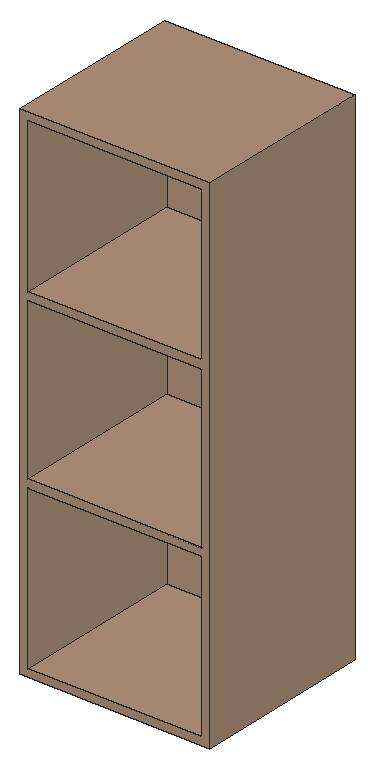
Revit family "Storage-Mounted-Teknion-BCLOO_Cubic_Open_Tower_Low_Secondary_Desk-R2018", category Furniture, Revit 2018
Family settings
  OmniClass Number = 23.40.20.00
  OmniClass Title = General Furniture and Specialties
  Work Plane-Based = No
  Always vertical = Yes
  Cut with Voids When Loaded = No
  Shared = Yes
  Room Calculation Point = No
Parameters (values of type "18" Depth, 18" Width, 66" Height")
  Warranty = "http://www.teknion.com/ca/papers/legal-canada"
  Unit Weight URL = "http://www.teknion.com/ca/tools/assets#&asset=bee6a381-b954-425e-8283-5a2de3a804f2,f828d448-4b62-4231-9e5f-9a8991c0ed77"
  URL = "www.teknion.com"
  Top Shelf Height Offset = 15.6063"
  To render please download texture images found here [instance] = "https://assets.teknion.com/web/5e81352c1dfdb467/revit-material-swatches/"
  Sustainability Data = "https://www.teknion.com/ca/tools/assets#&topic=216f99a5-57a0-44fc-b10a-9dee9b29ae4c&asset=444deb64-fe58-4b68-981e-f75e97781df7,b4ff2d81-9f2e-437d-9659-7cffb09c31cf"
  Series = "Expansion Casegoods"  # constant formula
  Product Page URL = "https://www.teknion.com/ca/products/product-details?productLineId=0053336e-8e7a-673b-a6c8-ff00004460c4"
  Product Line = "Expansion Casegoods"  # constant formula
  Product Documentation Link = "https://www.teknion.com/pricing/expansion-casegoods/pdfs/bcloo_ppg.pdf"
  Part Number = "BCLOO"  # constant formula
  Model = "BCLOO181866"
  Middle Shelf Divider = no
  Manufacturer Phone = "416-661-3370"  # constant formula
  Manufacturer Fax = "416.661.4586"  # constant formula
  Manufacturer Contact Information = "http://www.teknion.com/ca/contactus"
  Manufacturer Address = "1150 Flint Road, Toronto, ON. M3J 2J5. Canada"  # constant formula
  Manufacturer = "Teknion"  # constant formula
  How To Use Teknion Materials User Guide [instance] = "https://assets.teknion.com/m/205dd0a49fa58060/original/How-to-add-a-Material-Library-and-Texture-Images-to-your-Revit-project.pdf"
  For Additional Finishes please visit [instance] = "https://assets.teknion.com/m/44a8009b046e5d47/original/Teknion_Materials_Library.zip"
  Description = "Cubic Open Tower - Low Secondary Desk Mounted, 18\" Depth, 18\" Width, 66\" Height"
  Case Finish [instance] = Source Laminate - Teknion - 3M - Provincial Oak
  Bottom Shelf Height Offset = 16.44488"
  Assembly Code = "E2020200"
  Actual Width = 17.910"
  Actual Height = 65.37401"
Types (5): name | Top Shelf Height Offset | Model | Middle Shelf Divider | Description | Bottom Shelf Height Offset | Actual Width | Actual Height
  (no name) | 15.6063" | "BCLOO181866" | no | "Cubic Open Tower - Low Secondary Desk Mounted, 18\" Depth, 18\" Width, 66\" Height" | 16.44488" | 17.910" | 65.37401"
  18" Depth, 18" Width, 66" Height | 15.6063" | "BCLOO181866" | no | "Cubic Open Tower - Low Secondary Desk Mounted, 18\" Depth, 18\" Width, 66\" Height" | 16.44488" | 17.910" | 65.37401"
  18" Depth, 18" Width, 72" Height | 17.690" | "BCLOO181872" | no | "Cubic Open Tower - Low Secondary Desk Mounted, 18\" Depth, 18\" Width, 72\" Height" | 18.529" | 17.910" | 71.626"
  18" Depth, 36" Width, 66" Height | 15.6063" | "BCLOO183666" | yes | "Cubic Open Tower - Low Secondary Desk Mounted, 18\" Depth, 36\" Width, 66\" Height" | 16.44488" | 35.820" | 65.37401"
  18" Depth, 36" Width, 72" Height | 17.690" | "BCLOO183672" | yes | "Cubic Open Tower - Low Secondary Desk Mounted, 18\" Depth, 36\" Width, 72\" Height" | 18.529" | 35.820" | 71.626"
Reference planes (in)
  plane 1 "Center Front/Back": y = 0.29033
  plane 2: z = 0
  plane 3 "Center Left/Right": x = -0.36929
  plane 4 "Left": x = -9.32429
  plane 5 "Right": x = 8.58571
  plane 6 "Back": y = 8.87103
  plane 7 "Front": y = -8.29038
  plane 8 "Top": z = 65.37401
  plane 9: z = 17.4252
  plane 10: z = 49.76772
  plane 11: z = 33.87008
Forms (in)
  Sweep 1, solid, material "Source Laminate - Teknion - 3M - Provincial Oak" <- "Case Finish"
    path origin (0, 0.29033, 0) x (1, 0, 0) y (0, 0, 1)
      loop
        line (-0.36929, 17.4252) -> (-0.36929, 65.37401)
    profile origin (-0.36929, 0.29033, 41.39961) x (-1, 0, 0) y (0, -1, 0)
      loop
        line (8.955, -8.58071) -> (8.955, 8.58071) -> (-8.955, 8.58071) -> (-8.955, -8.58071) -> (8.955, -8.58071)
  Sweep 2, void
    path origin (0, 0, 0) x (1, 0, 0) y (0, 1, 0)
      loop
        line (-0.36929, -14.54038) -> (-0.36929, 8.17025)
    profile origin (-0.36929, -3.18507, 0) x (-1, 0, 0) y (0, 0, 1)
      loop
        line (8.25421, 64.67323) -> (-8.25421, 64.67323) -> (-8.25421, 50.11811) -> (8.25421, 50.11811) -> (8.25421, 64.67323)
      loop
        line (8.25421, 49.41732) -> (-8.25421, 49.41732) -> (-8.25421, 34.22047) -> (8.25421, 34.22047) -> (8.25421, 49.41732)
      loop
        line (8.25421, 33.51968) -> (-8.25421, 33.51968) -> (-8.25421, 18.12598) -> (8.25421, 18.12598) -> (8.25421, 33.51968)
  Sweep 3, solid, material "Source Laminate - Teknion - 3M - Provincial Oak" <- "Case Finish", visible <- "Middle Shelf Divider"
    path origin (0, 0, 0) x (1, 0, 0) y (0, 1, 0)
      loop
        line (-0.36929, -8.29038) -> (-0.36929, 8.17025)
    profile origin (-0.36929, -0.06007, 0) x (-1, 0, 0) y (0, 0, 1)
      loop
        line (-0.35039, 18.12598) -> (0.35039, 18.12598) -> (0.35039, 64.67323) -> (-0.35039, 64.67323) -> (-0.35039, 18.12598)
Cuts and joins
  Sweep 2 cuts Sweep 1
Lines and regions (in)
  Masking region 1
    outline origin (0, 0, 0) x (1, 0, 0) y (0, 1, 0)
      loop
        line (-9.32429, 8.87103) -> (-9.32429, -8.29038) -> (8.58571, -8.29038) -> (8.58571, 8.87103) -> (-9.32429, 8.87103)
  reference lines
    curve 1: line (42.58344, 0.29033, 54.28609) -> (42.58344, 0.29033, 53.5853)
  symbolic lines, style "FurnitureHiddenLines", detail levels medium+fine
    curve 2: line (-8.62351, 8.17025, 0) -> (-8.62351, -8.29038, 0)
    curve 3: line (7.88492, 8.17025, 0) -> (-8.62351, 8.17025, 0)
    curve 4: line (7.88492, -8.29038, 0) -> (7.88492, 8.17025, 0)
  symbolic lines, style "FurnitureHiddenLines", visible <- "Middle Shelf Divider", detail levels medium+fine
    curve 5: line (-0.0189, -8.29038, 0) -> (-0.0189, 8.17025, 0)
    curve 6: line (-0.71969, 8.17025, 0) -> (-0.71969, -8.29038, 0)
Dimensions and locks (in)
  "Actual Width": plane 4 "Left" to plane 5 "Right"
  locked: plane 6 "Back" to plane 7 "Front" at 17.16142
  "Actual Height": plane 8 "Top" to level
  equal spacing: plane 4 "Left", plane 3 "Center Left/Right", plane 5 "Right"
  equal spacing: plane 6 "Back", plane 1 "Center Front/Back", plane 7 "Front"
  locked: plane 9 to level at 17.4252
  "Bottom Shelf Height Offset": plane 11 to plane 9
  "Top Shelf Height Offset": plane 8 "Top" to plane 10
  locked: plane 6 "Back" to Sweep 2 sketch curve at 0.70079
  locked: plane 6 "Back" to Sweep 2 sketch curve at 23.41142
  locked: plane 8 "Top" to Sweep 2 sketch curve at 0.70078
  Sweep 2 sketch curve to plane 10 to Sweep 2 sketch curve = 0.3504" locked, 0.3504" locked
  Sweep 2 sketch curve to plane 11 to Sweep 2 sketch curve = 0.3504" locked, 0.35039" locked
  locked: Sweep 2 sketch curve to plane 9 at 0.70079
  Sweep 2 sketch curve to Sweep 2 sketch curve to Sweep 2 sketch curve to plane 4 "Left" = 0.000" locked, 0.000" locked, 0.70079" locked
  Sweep 2 sketch curve to Sweep 2 sketch curve to Sweep 2 sketch curve to plane 5 "Right" = 0.000" locked, 0.000" locked, 0.70079" locked
  locked: plane 6 "Back" to Sweep 3 sketch curve at 0.70079
  locked: plane 8 "Top" to Sweep 3 sketch curve at 0.70078
  locked: Sweep 3 sketch curve to plane 9 at 0.70079
  Sweep 3 sketch curve to plane 3 "Center Left/Right" to Sweep 3 sketch curve = 0.35039" locked, 0.35039" locked
  aligned and locked: level to plane 2
  aligned and locked: plane 8 "Top" to Sweep 1 sketch curve
  aligned and locked: plane 9 to Sweep 1 sketch curve
  aligned and locked: plane 3 "Center Left/Right" to Sweep 1 sketch curve
  aligned and locked: Sweep 1 sketch curve to plane 4 "Left"
  aligned and locked: Sweep 1 sketch curve to plane 6 "Back"
  aligned and locked: Sweep 1 sketch curve to plane 5 "Right"
  aligned and locked: Sweep 1 sketch curve to plane 7 "Front"
  aligned and locked: plane 7 "Front" to Sweep 3 sketch curve
  aligned and locked: Sweep 3 sketch curve to plane 3 "Center Left/Right"
  aligned and locked: Masking region 1 sketch curve to plane 4 "Left"
  aligned and locked: Masking region 1 sketch curve to plane 6 "Back"
  aligned and locked: Masking region 1 sketch curve to plane 5 "Right"
  aligned and locked: Masking region 1 sketch curve to plane 7 "Front"
  aligned and locked: curve 2 to cut or joined group of Sweep 1, Sweep 2
  aligned and locked: curve 3 to cut or joined group of Sweep 1, Sweep 2
  aligned and locked: curve 4 to cut or joined group of Sweep 1, Sweep 2
  aligned and locked: curve 5 to Sweep 3
  aligned and locked: curve 6 to Sweep 3
Automatic sketch dimensions
  Sweep 2 sketch curve to plane 3 "Center Left/Right" = 0.000"
  curve 1 to plane 10 = 3.81758"
  curve 1 to plane 5 "Right" = 33.99773"
  curve 1 to curve 1 = 0.70079"
  plane 7 "Front" to curve 2 = 0.000"
  plane 7 "Front" to curve 4 = 0.000"
  plane 7 "Front" to curve 5 = 0.000"
  plane 7 "Front" to curve 6 = 0.000"
